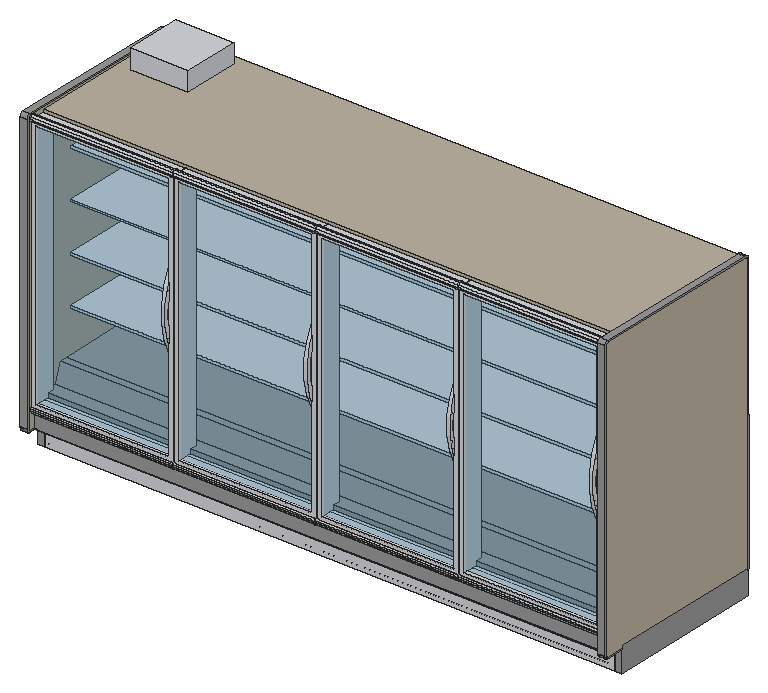
Revit family "VNRBS", category Mechanical Equipment, Revit 2017
Family settings
  Round Connector Dimension = Use Diameter
  Part Type = Normal
  OmniClass Number = 23.40.40.11.17
  OmniClass Title = Refrigerated Cases
  Work Plane-Based = Yes
  Always vertical = Yes
  Cut with Voids When Loaded = No
  Shared = Yes
  Room Calculation Point = No
Parameters (values of type "4-Door")
  vista c watts = 0 W
  pannel colour = none
  Width = 37 1/8"  # constant formula
  Vista-E Watts = 0 W
  Vista-E Amps = 0 A
  Vista-C/60 Watts = 293 W
  Vista-C/60 Amps = 2.4 A
  Vista-C Watts = 0 W
  Vista-C Amps = 0 A
  Vista Watts = 293 W
  Vista Amps = 2.4 A
  VISTA C - WATTS = 0 W
  URL = "http://www.hillphoenix.com/"
  Type of Door Swing = "A-Swing"
  Trim colour = none
  Timed-Off Defrost Termination Temp_2 = "42° F"  # constant formula
  Timed-Off Defrost Fail-Safe (Min) = "30 (Min)"  # constant formula
  TOP REFRIGERATION [instance] = yes
  TOP ELECTRICAL [instance] = yes
  TIMED-OFF DEFROST TERMINATION TEMP = 42 °F
  TIMED-OFF DEFROST FAIL SAFE (MIN) = 30
  TIMED OFF DEFROST TERMINATION TEMP = 42 °F
  TIMED OFF DEFROST FAIL-SAFE (Min) = "30"
  Supplier Model = ""
  Supplier = ""
  Superheat Set Point @ Bulb (°F) = "6-8° F"  # constant formula
  Size of Door = 30"  # constant formula
  STAINLESS STEEL = GALVANIZED STEEL
  RIGHT END [instance] = yes
  REFRIGERATION PIPING = none
  REFRIGERATION [instance] = yes
  REF PLANE LEFT RIGHT = Length / 2  # 60"
  Pro24 35K Hi Output Watts = 120 W
  Pro24 35K Hi Output Amps = 1 A
  Pnet Number = "NA"  # constant formula
  PVC PIPE = none
  PLAN VIEW DOOR SWING [instance] = yes
  PAINTED METAL UPPER SHELF = none
  PAINTED METAL EXTERIOR [instance] = Render Material 255-255-0
  Number of Fans per Case = 3
  Number of Fans = 0
  No. OF DOORS = 4
  NUMBER FOR GUIDLINES AND CONTROL ORGANIZATION = 0
  NUMBER FOR ELECTRICAL DATA = 0
  Model = "VNRB"  # constant formula
  Manufacturer Model = ""
  Manufacturer = "HILL PHOENIX"  # constant formula
  Load Mbh = 0  # constant formula
  Length of Cases = 150"
  Length = 120"
  Legend Number = Model  # "VNRB"
  LEFT END [instance] = yes
  LEDStixx Watts = 118 W
  LEDStixx Amps = 1 A
  Keynote = "VNRB"  # constant formula
  Item Description = "VNRB"  # constant formula
  Infinity 90 Watts = 236 W
  Infinity 90 Amps = 2 A
  High Efficiency Watts = 78 W
  High Efficiency Amps = 0.65 A
  Height = 67 7/8"
  HILL PHOENIX DRAWING NUMBER = "NA"  # constant formula
  GLASS CLAMP = none
  GLASS = Glass
  GE Gen6 Watts = 79 W
  GE Gen6 Amps = 0.7 A
  Evaporator (°F) = "28° F"
  EVAP TEMPERATURE = 0 °F  # constant formula
  EQUIPMENT MARK = "VNRBS"
  EQUIPMENT DESCRIPTION = Item Description  # "VNRB"
  ENGINEERING CONTACT = ""  # constant formula
  EMS PROBE J-BOX [instance] = yes
  ELECTRICAL [instance] = yes
  Discharge Air Velocity (FPM) = "360 (FPM)"  # constant formula
  Discharge Air (°F) = "33° F"
  Description = "VNRB"  # constant formula
  Defrosts Per Day_2 = 2  # constant formula
  Default Elevation = 48"
  DRAIN LINE [instance] = yes
  DISCHARGE AIR VELOCITY = ""  # constant formula
  DISCHARGE AIR TEMP = 0 °F  # constant formula
  DESIGNERS NAME = "SHIDDRAMESH"  # constant formula
  DEFROSTS PER DAY = 0  # constant formula
  DATE = "03-18-2015"  # constant formula
  CENTER LINE = Length / 2  # 60"
  BTUH Parallel = 777
  BTUH Conventional = 810
  BASE [instance] = BLACK
  Assembly Code = ""
  Application Discipline = "Meat"
  Actual Weight = 0
  24" Shelf = yes
Types (4): name | REF PLANE LEFT RIGHT | No. OF DOORS | Length | CENTER LINE
  5-Door | 75" | 5 | 150" | 75"
  4-Door | 60" | 4 | 120" | 60"
  3-Door | 45" | 3 | 90" | 45"
  2-Door | 30" | 2 | 60" | 30"
Reference planes (in)
  plane 1: z = 0.01963
  plane 2 "LEFT": x = 0
  plane 3 "CASE RIGHT": x = 120
  plane 4 "CASE BACK": y = -13.74044
  plane 5 "CENTER(LEFT/RIGHT)": x = 60
  plane 6 "FRONT": y = -50.86544
  plane 7: z = 0
  plane 8: z = 67.875
  plane 9: x = 121.5
Forms (in)
  Extrusion 1, solid, material <- "REFRIGERATION PIPING"
    sketch origin (-13.14147, -19.71261, 97.4576) x (1, 0, 0) y (0, 1, 0)
      loop
        circle (127.76253, -0.94574) r 0.375
      loop
        circle (129.53129, -0.94574) r 0.5
    from -94.24428 to -90.67077
  Extrusion 2, solid, material "Render Material 255-255-0" <- "PAINTED METAL EXTERIOR"
    sketch origin (0, 0, 0) x (0, 1, 0) y (0, 0, 1)
      loop
        line (-13.74044, 66.01319) -> (-47.10136, 66.01319) -> (-47.10136, 64.01319) -> (-15.90384, 64.01319) -> (-15.90384, 7.28805) -> (-13.74044, 7.28805) -> (-13.74044, 66.01319)
    from 0 to 120
  Extrusion 3, solid, material "GALVANIZED STEEL" <- "STAINLESS STEEL"
    sketch origin (0, 0, 0) x (0, 1, 0) y (0, 0, 1)
      loop
        line (-15.90384, 64.01319) -> (-47.10136, 64.01319) -> (-47.10136, 63.22669) -> (-45.68453, 63.22669) -> (-45.68453, 63.0429) -> (-45.26599, 63.0429)
        arc (-45.26599, 63.0429) -> (-45.2025, 63.06759) -> (-45.17236, 63.12867) r 0.094
        line (-45.17236, 63.12867) -> (-45.17236, 63.18324) -> (-42.57208, 62.63053)
        arc (-42.57208, 62.63053) -> (-42.52693, 62.6389) -> (-42.50092, 62.67675) r 0.06
        line (-42.50092, 62.67675) -> (-42.39064, 63.19556) -> (-41.57127, 63.00639) -> (-17.82566, 63.00639) -> (-17.82566, 13.27209) -> (-15.90384, 13.27209) -> (-15.90384, 64.01319)
    from 0 to 120
  Extrusion 4, solid, material "BLACK" <- "BASE"
    sketch origin (0, 0, 0) x (0, 1, 0) y (0, 0, 1)
      loop
        line (-15.90384, 13.27209) -> (-17.82566, 13.27209) -> (-17.82566, 17.00639) -> (-41.08585, 16.59082) -> (-42.69485, 16.59082) -> (-43.93723, 12.84082) -> (-47.03731, 12.84083) -> (-47.03732, 10.96636) -> (-49.52319, 10.96636) -> (-49.52319, 6.891)
        arc (-49.52319, 6.891) -> (-49.47226, 6.82754) -> (-49.39928, 6.86353) r 0.065
        line (-49.39928, 6.86353) -> (-49.26231, 7.15725) -> (-49.03397, 7.15725) -> (-48.84717, 7.28805) -> (-15.90384, 7.28805) -> (-15.90384, 13.27209)
    from 0 to 120
  Extrusion 5, solid, material "Render Material 255-255-0" <- "PAINTED METAL EXTERIOR"
    sketch origin (-1, 0, 0) x (0, 1, 0) y (0, 0, 1)
      loop
        arc (-50.35888, 66.27836) -> (-50.71243, 66.13191) -> (-50.85888, 65.77836) r 0.5
        line (-50.85888, 65.77836) -> (-50.85888, 7.28684)
        arc (-50.85888, 7.28684) -> (-50.71243, 6.93328) -> (-50.35888, 6.78684) r 0.5
        line (-50.35888, 6.78684) -> (-46.61544, 6.78684) -> (-46.61544, 7.28805) -> (-13.74044, 7.28805) -> (-13.74044, 65.77836)
        arc (-13.74044, 65.77836) -> (-13.88688, 66.13191) -> (-14.24044, 66.27836) r 0.5
        line (-14.24044, 66.27836) -> (-50.35888, 66.27836)
    from -0.5 to 1
  Extrusion 6, solid, material "BLACK" <- "BASE"
    sketch origin (0, 0, 0) x (0, 1, 0) y (0, 0, 1)
      loop
        line (-13.49044, 2.1515) -> (-13.49044, 7.28805) -> (-46.61544, 7.28805) -> (-46.61544, 2.1515) -> (-13.49044, 2.1515)
    from 0 to -1.5
  Extrusion 7, solid, material <- "PAINTED METAL UPPER SHELF", visible <- "24" Shelf"
    sketch origin (0, 0, -44.00001) x (0, 1, 0) y (0, 0, 1)
      loop
        line (-39.84405, 69.9973) -> (-39.84405, 69.4373) -> (-30.67567, 69.4373) -> (-30.61647, 69.30047) -> (-21.26806, 68.37618)
        arc (-21.26806, 68.37618) -> (-20.5648, 68.20115) -> (-19.94129, 67.83175) r 2.5
        line (-19.94129, 67.83175) -> (-19.23845, 67.26304)
        arc (-19.23845, 67.26304) -> (-18.93503, 67.09491) -> (-18.59242, 67.04056) r 1
        line (-18.59242, 67.04056) -> (-17.82422, 67.05363) -> (-17.82422, 69.9973) -> (-39.84405, 69.9973)
    from 0 to 120
  Extrusion 8, solid, material "BLACK" <- "BASE"
    sketch origin (0, 50.91376, -10.30728) x (0, 1, 0) y (0, 0, 1)
      loop
        line (-64.6542, 17.59533) -> (-91.18502, 17.59533) -> (-91.18502, 12.45878) -> (-89.5292, 12.45878) -> (-89.5292, 15.22403) -> (-66.0292, 15.22403) -> (-66.0292, 12.45878) -> (-64.6542, 12.45878) -> (-64.6542, 17.59533)
    from 0 to 120 <- "Length"
  Extrusion 9, solid, material "BLACK" <- "BASE"
    sketch origin (0, 51.47626, -10.30728) x (0, 1, 0) y (0, 0, 1)
      loop
        line (-97.34152, 12.77932) -> (-94.46533, 12.77932) -> (-93.42752, 12.84533) -> (-91.74752, 12.84533) -> (-91.74752, 17.59533) -> (-97.49752, 17.59533) -> (-97.49752, 12.93532)
        arc (-97.49752, 12.93532) -> (-97.45183, 12.82501) -> (-97.34152, 12.77932) r 0.156
    from 0 to 120 <- "Length"
  Extrusion 10, solid, material <- "PAINTED METAL UPPER SHELF", visible <- "24" Shelf"
    sketch origin (0, 0, -34.00001) x (0, 1, 0) y (0, 0, 1)
      loop
        line (-39.84405, 69.9973) -> (-39.84405, 69.4373) -> (-30.67567, 69.4373) -> (-30.61647, 69.30047) -> (-21.26806, 68.37618)
        arc (-21.26806, 68.37618) -> (-20.5648, 68.20115) -> (-19.94129, 67.83175) r 2.5
        line (-19.94129, 67.83175) -> (-19.23845, 67.26304)
        arc (-19.23845, 67.26304) -> (-18.93503, 67.09491) -> (-18.59242, 67.04056) r 1
        line (-18.59242, 67.04056) -> (-17.82422, 67.05363) -> (-17.82422, 69.9973) -> (-39.84405, 69.9973)
    from 0 to 120
  Extrusion 11, solid, material <- "PAINTED METAL UPPER SHELF", visible <- "24" Shelf"
    sketch origin (0, 0, -24.00001) x (0, 1, 0) y (0, 0, 1)
      loop
        line (-39.84405, 69.9973) -> (-39.84405, 69.4373) -> (-30.67567, 69.4373) -> (-30.61647, 69.30047) -> (-21.26806, 68.37618)
        arc (-21.26806, 68.37618) -> (-20.5648, 68.20115) -> (-19.94129, 67.83175) r 2.5
        line (-19.94129, 67.83175) -> (-19.23845, 67.26304)
        arc (-19.23845, 67.26304) -> (-18.93503, 67.09491) -> (-18.59242, 67.04056) r 1
        line (-18.59242, 67.04056) -> (-17.82422, 67.05363) -> (-17.82422, 69.9973) -> (-39.84405, 69.9973)
    from 0 to 120
  Extrusion 12, solid, material <- "PAINTED METAL UPPER SHELF", visible <- "24" Shelf"
    sketch origin (0, 0, -14.00001) x (0, 1, 0) y (0, 0, 1)
      loop
        line (-39.84405, 69.9973) -> (-39.84405, 69.4373) -> (-30.67567, 69.4373) -> (-30.61647, 69.30047) -> (-21.26806, 68.37618)
        arc (-21.26806, 68.37618) -> (-20.5648, 68.20115) -> (-19.94129, 67.83175) r 2.5
        line (-19.94129, 67.83175) -> (-19.23845, 67.26304)
        arc (-19.23845, 67.26304) -> (-18.93503, 67.09491) -> (-18.59242, 67.04056) r 1
        line (-18.59242, 67.04056) -> (-17.82422, 67.05363) -> (-17.82422, 69.9973) -> (-39.84405, 69.9973)
    from 0 to 120
  Extrusion 13, solid, material <- "REFRIGERATION PIPING"
    sketch origin (0, -0.08348, 1.78684) x (1, 0, 0) y (0, 1, 0)
      loop
        circle (60, -37.24044) r 1.5
    from 1.42649 to 5
  Extrusion 14, solid, material "BLACK" <- "BASE"
    sketch origin (0, 0, -34.00001) x (0, -1, 0) y (0, 0, 1)
      loop
        arc (50.35888, 100.27836) -> (50.71243, 100.13192) -> (50.85888, 99.77836) r 0.5
        line (50.85888, 99.77836) -> (50.85888, 41.28684)
        arc (50.85888, 41.28684) -> (50.71243, 40.93329) -> (50.35888, 40.78684) r 0.5
        line (50.35888, 40.78684) -> (46.61544, 40.78684) -> (46.61544, 40.53684) -> (50.35888, 40.53684)
        arc (50.35888, 40.53684) -> (50.88921, 40.75651) -> (51.10888, 41.28684) r 0.75
        line (51.10888, 41.28684) -> (51.10888, 99.77836)
        arc (51.10888, 99.77836) -> (50.88921, 100.30869) -> (50.35888, 100.52836) r 0.75
        line (50.35888, 100.52836) -> (14.24044, 100.52836)
        arc (14.24044, 100.52836) -> (13.71011, 100.30869) -> (13.49044, 99.77836) r 0.75
        line (13.49044, 99.77836) -> (13.49044, 41.28806) -> (13.74044, 41.28806) -> (13.74044, 99.77836)
        arc (13.74044, 99.77836) -> (13.88688, 100.13192) -> (14.24044, 100.27836) r 0.5
        line (14.24044, 100.27836) -> (50.35888, 100.27836)
    from 0 to 1.5
  Extrusion 15, solid, material "Render Material 255-255-0" <- "PAINTED METAL EXTERIOR"
    sketch origin (174, 0, 0) x (0, 1, 0) y (0, 0, 1)
      loop
        arc (-50.35888, 66.27836) -> (-50.71243, 66.13191) -> (-50.85888, 65.77836) r 0.5
        line (-50.85888, 65.77836) -> (-50.85888, 7.28684)
        arc (-50.85888, 7.28684) -> (-50.71243, 6.93328) -> (-50.35888, 6.78684) r 0.5
        line (-50.35888, 6.78684) -> (-46.61544, 6.78684) -> (-46.61544, 7.28805) -> (-13.74044, 7.28805) -> (-13.74044, 65.77836)
        arc (-13.74044, 65.77836) -> (-13.88688, 66.13191) -> (-14.24044, 66.27836) r 0.5
        line (-14.24044, 66.27836) -> (-50.35888, 66.27836)
    from -54 to -52.5
  Extrusion 16, solid, material "BLACK" <- "BASE"
    sketch origin (175, 0, 0) x (0, 1, 0) y (0, 0, 1)
      loop
        line (-13.49044, 2.1515) -> (-13.49044, 7.28805) -> (-46.61544, 7.28805) -> (-46.61544, 2.1515) -> (-13.49044, 2.1515)
    from -53.5 to -55
  Extrusion 17, solid, material "BLACK" <- "BASE"
    sketch origin (175, 0, -34.00001) x (0, -1, 0) y (0, 0, 1)
      loop
        arc (50.35888, 100.27836) -> (50.71243, 100.13192) -> (50.85888, 99.77836) r 0.5
        line (50.85888, 99.77836) -> (50.85888, 41.28684)
        arc (50.85888, 41.28684) -> (50.71243, 40.93329) -> (50.35888, 40.78684) r 0.5
        line (50.35888, 40.78684) -> (46.61544, 40.78684) -> (46.61544, 40.53684) -> (50.35888, 40.53684)
        arc (50.35888, 40.53684) -> (50.88921, 40.75651) -> (51.10888, 41.28684) r 0.75
        line (51.10888, 41.28684) -> (51.10888, 99.77836)
        arc (51.10888, 99.77836) -> (50.88921, 100.30869) -> (50.35888, 100.52836) r 0.75
        line (50.35888, 100.52836) -> (14.24044, 100.52836)
        arc (14.24044, 100.52836) -> (13.71011, 100.30869) -> (13.49044, 99.77836) r 0.75
        line (13.49044, 99.77836) -> (13.49044, 41.28806) -> (13.74044, 41.28806) -> (13.74044, 99.77836)
        arc (13.74044, 99.77836) -> (13.88688, 100.13192) -> (14.24044, 100.27836) r 0.5
        line (14.24044, 100.27836) -> (50.35888, 100.27836)
    from 53.5 to 55
  Extrusion 18, solid
    sketch origin (0, 0, 0) x (0, 1, 0) y (0, 0, 1)
      loop
        line (-46.61544, 7.28805) -> (-46.61544, 2.1515) -> (-46.02126, 2.1515) -> (-46.02126, 7.28805) -> (-46.61544, 7.28805)
    from 0 to 120 <- "Length"
  Extrusion 19, solid
    sketch origin (0, 0, 0) x (0, 1, 0) y (0, 0, 1)
      loop
        line (-15.74044, 66.01319) -> (-15.74044, 70.01319) -> (-27.74044, 70.01319) -> (-27.74044, 66.01319) -> (-15.74044, 66.01319)
    from 3 to 15
Lines and regions (in)
  model lines
    curve 1: line (160.51265, -20.82355, 0) -> (160.48065, -20.82355, 0)
Dimensions and locks (in)
  "Length": plane 2 "LEFT" to plane 3 "CASE RIGHT"
  "Width": plane 6 "FRONT" to plane 4 "CASE BACK"
  plane 6 "FRONT" to plane 4 "CASE BACK" = 37 1/8"
  "CENTER LINE": plane 5 "CENTER(LEFT/RIGHT)" to plane 3 "CASE RIGHT"
  level to Extrusion 1 = 6.78684"
  level to plane 1 = 0.01963"
  equal spacing: group 1, group 2, group 3, group 4  (x3)
  locked: plane 3 "CASE RIGHT" to plane 9 at 1.5
  Extrusion 6 to Extrusion 8 = 5.13656"
  Extrusion 3 to Extrusion 3 = 1.00679"
  Extrusion 6 to Extrusion 2 = 63.86169"
  plane 4 "CASE BACK" to Extrusion 2 = 33.36092"
  Extrusion 4 to Extrusion 3 = 46"
  Extrusion 8 to Extrusion 9 = 26.53082"
  Extrusion 8 sketch curve to Extrusion 8 sketch curve = 26.53082"
  nested 1 to Extrusion 4 = 54.52081"
  nested 1 to nested 1 = 52.47698"
  aligned and locked: plane 3 "CASE RIGHT" to Extrusion 2
  aligned and locked: plane 3 "CASE RIGHT" to Extrusion 4
  aligned and locked: plane 3 "CASE RIGHT" to Extrusion 3
  aligned and locked: Extrusion 6 to Extrusion 5
  aligned and locked: plane 3 "CASE RIGHT" to Extrusion 7
  aligned and locked: plane 3 "CASE RIGHT" to Extrusion 12
  aligned and locked: plane 3 "CASE RIGHT" to Extrusion 11
  aligned and locked: plane 3 "CASE RIGHT" to Extrusion 10
  aligned and locked: Extrusion 16 to Extrusion 15
  aligned and locked: Extrusion 17 to plane 3 "CASE RIGHT"
  aligned and locked: plane 9 to Extrusion 17
  aligned and locked: Extrusion 15 to plane 3 "CASE RIGHT"
  aligned and locked: Extrusion 17 to Extrusion 15
  aligned and locked: Extrusion 15 to Extrusion 16
Automatic sketch dimensions
  plane 4 "CASE BACK" to curve 1 = 7.08311"
  plane 3 "CASE RIGHT" to curve 1 = 40.48065"
  curve 1 to curve 1 = 0.032"
  Extrusion 1 sketch curve to plane 3 "CASE RIGHT" = 5.37894"
  Extrusion 1 sketch curve to Extrusion 1 sketch curve = 1.76876"
  plane 4 "CASE BACK" to Extrusion 1 sketch curve = 6.91792"
  Extrusion 1 sketch curve to Extrusion 1 sketch curve = 0"
  level to Extrusion 6 sketch curve = 2.1515"
  Extrusion 6 sketch curve to plane 6 "FRONT" = 4 1/4"
  Extrusion 6 sketch curve to plane 4 "CASE BACK" = 1/4"
  Extrusion 6 sketch curve to plane 1 = 7.26842"
  Extrusion 7 sketch curve to plane 6 "FRONT" = 11.02138"
  Extrusion 7 sketch curve to Extrusion 7 sketch curve = 9.16838"
  Extrusion 7 sketch curve to Extrusion 7 sketch curve = 0.05921"
  plane 4 "CASE BACK" to Extrusion 7 sketch curve = 7 99/128"
  Extrusion 7 sketch curve to Extrusion 7 sketch curve = 1.57257"
  Extrusion 7 sketch curve to Extrusion 7 sketch curve = 0.70284"
  Extrusion 7 sketch curve to Extrusion 7 sketch curve = 0.62903"
  Extrusion 7 sketch curve to Extrusion 7 sketch curve = 0.64603"
  Extrusion 7 sketch curve to Extrusion 7 sketch curve = 0.7682"
  Extrusion 7 sketch curve to plane 1 = 21.86866"
  Extrusion 7 sketch curve to Extrusion 7 sketch curve = 1.15227"
  Extrusion 7 sketch curve to Extrusion 7 sketch curve = 0.01306"
  Extrusion 7 sketch curve to Extrusion 7 sketch curve = 0.22247"
  Extrusion 7 sketch curve to Extrusion 7 sketch curve = 0.56871"
  Extrusion 7 sketch curve to Extrusion 7 sketch curve = 3.41218"
  Extrusion 7 sketch curve to Extrusion 7 sketch curve = 0.13683"
  Extrusion 7 sketch curve to Extrusion 7 sketch curve = 0.56"
  Extrusion 7 sketch curve to Extrusion 7 sketch curve = 1.32677"
  Extrusion 7 sketch curve to Extrusion 7 sketch curve = 0.00006"
  Extrusion 7 sketch curve to Extrusion 7 sketch curve = 0.00066"
  level to Extrusion 8 sketch curve = 2.1515"  (x2)
  Extrusion 8 sketch curve to plane 4 "CASE BACK" = 0"
  plane 4 "CASE BACK" to Extrusion 8 sketch curve = 1 3/8"
  Extrusion 8 sketch curve to Extrusion 8 sketch curve = 1.65582"
  Extrusion 8 sketch curve to plane 1 = 4.89712"
  Extrusion 8 sketch curve to Extrusion 8 sketch curve = 2.37131"
  Extrusion 10 sketch curve to plane 6 "FRONT" = 11.02138"
  Extrusion 10 sketch curve to Extrusion 10 sketch curve = 9.16838"
  Extrusion 10 sketch curve to Extrusion 10 sketch curve = 0.05921"
  plane 4 "CASE BACK" to Extrusion 10 sketch curve = 7 99/128"
  Extrusion 10 sketch curve to Extrusion 10 sketch curve = 1.57257"
  Extrusion 10 sketch curve to Extrusion 10 sketch curve = 0.70284"
  Extrusion 10 sketch curve to Extrusion 10 sketch curve = 0.62903"
  Extrusion 10 sketch curve to Extrusion 10 sketch curve = 0.64603"
  Extrusion 10 sketch curve to Extrusion 10 sketch curve = 0.7682"
  Extrusion 10 sketch curve to plane 1 = 31.86866"
  Extrusion 10 sketch curve to Extrusion 10 sketch curve = 1.15227"
  Extrusion 10 sketch curve to Extrusion 10 sketch curve = 0.01306"
  Extrusion 10 sketch curve to Extrusion 10 sketch curve = 0.22247"
  Extrusion 10 sketch curve to Extrusion 10 sketch curve = 0.56871"
  Extrusion 10 sketch curve to Extrusion 10 sketch curve = 3.41218"
  Extrusion 10 sketch curve to Extrusion 10 sketch curve = 0.13683"
  Extrusion 10 sketch curve to Extrusion 10 sketch curve = 0.56"
  Extrusion 10 sketch curve to Extrusion 10 sketch curve = 1.32677"
  Extrusion 10 sketch curve to Extrusion 10 sketch curve = 0.00006"
  Extrusion 10 sketch curve to Extrusion 10 sketch curve = 0.00066"
  Extrusion 11 sketch curve to plane 6 "FRONT" = 11.02138"
  Extrusion 11 sketch curve to Extrusion 11 sketch curve = 9.16838"
  Extrusion 11 sketch curve to Extrusion 11 sketch curve = 0.05921"
  plane 4 "CASE BACK" to Extrusion 11 sketch curve = 7 99/128"
  Extrusion 11 sketch curve to Extrusion 11 sketch curve = 1.57257"
  Extrusion 11 sketch curve to Extrusion 11 sketch curve = 0.70284"
  Extrusion 11 sketch curve to Extrusion 11 sketch curve = 0.62903"
  Extrusion 11 sketch curve to Extrusion 11 sketch curve = 0.64603"
  Extrusion 11 sketch curve to Extrusion 11 sketch curve = 0.7682"
  Extrusion 11 sketch curve to plane 8 = 25.98671"
  Extrusion 11 sketch curve to Extrusion 11 sketch curve = 1.15227"
  Extrusion 11 sketch curve to Extrusion 11 sketch curve = 0.01306"
  Extrusion 11 sketch curve to Extrusion 11 sketch curve = 0.22247"
  Extrusion 11 sketch curve to Extrusion 11 sketch curve = 0.56871"
  Extrusion 11 sketch curve to Extrusion 11 sketch curve = 3.41218"
  Extrusion 11 sketch curve to Extrusion 11 sketch curve = 0.13683"
  Extrusion 11 sketch curve to Extrusion 11 sketch curve = 0.56"
  Extrusion 11 sketch curve to Extrusion 11 sketch curve = 1.32677"
  Extrusion 11 sketch curve to Extrusion 11 sketch curve = 0.00006"
  Extrusion 11 sketch curve to Extrusion 11 sketch curve = 0.00066"
  Extrusion 12 sketch curve to plane 6 "FRONT" = 11.02138"
  Extrusion 12 sketch curve to Extrusion 12 sketch curve = 9.16838"
  Extrusion 12 sketch curve to Extrusion 12 sketch curve = 0.05921"
  plane 4 "CASE BACK" to Extrusion 12 sketch curve = 7 99/128"
  Extrusion 12 sketch curve to Extrusion 12 sketch curve = 1.57257"
  Extrusion 12 sketch curve to Extrusion 12 sketch curve = 0.70284"
  Extrusion 12 sketch curve to Extrusion 12 sketch curve = 0.62903"
  Extrusion 12 sketch curve to Extrusion 12 sketch curve = 0.64603"
  Extrusion 12 sketch curve to Extrusion 12 sketch curve = 0.7682"
  Extrusion 12 sketch curve to plane 8 = 15.98671"
  Extrusion 12 sketch curve to Extrusion 12 sketch curve = 1.15227"
  Extrusion 12 sketch curve to Extrusion 12 sketch curve = 0.01306"
  Extrusion 12 sketch curve to Extrusion 12 sketch curve = 0.22247"
  Extrusion 12 sketch curve to Extrusion 12 sketch curve = 0.56871"
  Extrusion 12 sketch curve to Extrusion 12 sketch curve = 3.41218"
  Extrusion 12 sketch curve to Extrusion 12 sketch curve = 0.13683"
  Extrusion 12 sketch curve to Extrusion 12 sketch curve = 0.56"
  Extrusion 12 sketch curve to Extrusion 12 sketch curve = 1.32677"
  Extrusion 12 sketch curve to Extrusion 12 sketch curve = 0.00006"
  Extrusion 12 sketch curve to Extrusion 12 sketch curve = 0.00066"
  Extrusion 13 sketch curve to plane 5 "CENTER(LEFT/RIGHT)" = 0"
  Extrusion 13 sketch curve to plane 6 "FRONT" = 13.54152"
  level to Extrusion 16 sketch curve = 2.1515"
  Extrusion 16 sketch curve to plane 6 "FRONT" = 4 1/4"
  Extrusion 16 sketch curve to plane 4 "CASE BACK" = 1/4"
  Extrusion 16 sketch curve to plane 1 = 7.26842"
  Extrusion 9 sketch curve to plane 6 "FRONT" = 4.84418"
  Extrusion 9 sketch curve to Extrusion 9 sketch curve = 0.156"
  Extrusion 9 sketch curve to plane 1 = 2.45242"
  Extrusion 9 sketch curve to Extrusion 9 sketch curve = 2.87619"
  Extrusion 9 sketch curve to plane 1 = 2.51842"
  Extrusion 9 sketch curve to Extrusion 9 sketch curve = 1.03781"
  Extrusion 9 sketch curve to Extrusion 9 sketch curve = 5 3/4"
  Extrusion 9 sketch curve to Extrusion 9 sketch curve = 4 3/4"
  Extrusion 2 sketch curve to plane 4 "CASE BACK" = 0"
  plane 4 "CASE BACK" to Extrusion 2 sketch curve = 2.16341"
  Extrusion 2 sketch curve to plane 8 = 1.86181"
  Extrusion 2 sketch curve to plane 6 "FRONT" = 3.76408"
  Extrusion 2 sketch curve to plane 8 = 3.86181"
  Extrusion 2 sketch curve to plane 1 = 7.26842"
  Extrusion 3 sketch curve to plane 6 "FRONT" = 3.76408"
  Extrusion 3 sketch curve to Extrusion 3 sketch curve = 1.41683"
  Extrusion 3 sketch curve to Extrusion 3 sketch curve = 0.41853"
  Extrusion 3 sketch curve to Extrusion 3 sketch curve = 0"  (x2)
  Extrusion 3 sketch curve to Extrusion 3 sketch curve = 0.09364"
  Extrusion 3 sketch curve to Extrusion 3 sketch curve = 2.60028"
  Extrusion 3 sketch curve to Extrusion 3 sketch curve = 0.01247"
  Extrusion 3 sketch curve to plane 8 = 5.19825"
  Extrusion 3 sketch curve to Extrusion 3 sketch curve = 0.05869"
  Extrusion 3 sketch curve to Extrusion 3 sketch curve = 0.11028"
  plane 4 "CASE BACK" to Extrusion 3 sketch curve = 4.08523"
  Extrusion 3 sketch curve to Extrusion 3 sketch curve = 1.92182"
  Extrusion 3 sketch curve to Extrusion 3 sketch curve = 0.04621"
  Extrusion 3 sketch curve to plane 1 = 13.25246"
  Extrusion 3 sketch curve to plane 8 = 4.86861"
  Extrusion 3 sketch curve to Extrusion 3 sketch curve = 0.41236"
  Extrusion 3 sketch curve to Extrusion 3 sketch curve = 0.08577"
  Extrusion 3 sketch curve to Extrusion 3 sketch curve = 0.05456"
  Extrusion 3 sketch curve to Extrusion 3 sketch curve = 0.51881"
  Extrusion 3 sketch curve to Extrusion 3 sketch curve = 0.1838"
  Extrusion 3 sketch curve to Extrusion 3 sketch curve = 1.00679"
  Extrusion 3 sketch curve to Extrusion 3 sketch curve = 0.81937"
  Extrusion 18 sketch curve to plane 6 "FRONT" = 4 1/4"
  Extrusion 18 sketch curve to Extrusion 18 sketch curve = 0.59418"
  Extrusion 18 sketch curve to plane 1 = 2.13187"
  Extrusion 18 sketch curve to Extrusion 18 sketch curve = 5.13656"
  Extrusion 5 sketch curve to plane 4 "CASE BACK" = 0"
  Extrusion 5 sketch curve to Extrusion 5 sketch curve = 1/2"  (x2)
  Extrusion 5 sketch curve to plane 6 "FRONT" = 4 1/4"
  Extrusion 5 sketch curve to plane 6 "FRONT" = 0.50656"
  Extrusion 5 sketch curve to plane 6 "FRONT" = 0.00656"
  Extrusion 5 sketch curve to plane 1 = 6.7672"
  Extrusion 5 sketch curve to plane 1 = 7.26842"
  Extrusion 5 sketch curve to plane 8 = 2.09664"
  Extrusion 15 sketch curve to plane 4 "CASE BACK" = 0"
  Extrusion 15 sketch curve to Extrusion 15 sketch curve = 1/2"
  Extrusion 15 sketch curve to plane 6 "FRONT" = 4 1/4"
  Extrusion 15 sketch curve to plane 6 "FRONT" = 0.50656"  (x2)
  Extrusion 15 sketch curve to plane 6 "FRONT" = 0.00656"
  Extrusion 15 sketch curve to plane 1 = 6.7672"
  Extrusion 15 sketch curve to plane 1 = 7.26842"
  Extrusion 15 sketch curve to plane 8 = 2.09664"
  Extrusion 14 sketch curve to Extrusion 14 sketch curve = 0"  (x6)
  Extrusion 10 to Extrusion 14 sketch curve = 4.33379"
  Extrusion 14 sketch curve to Extrusion 14 sketch curve = 1/4"
  Extrusion 14 sketch curve to Extrusion 14 sketch curve = 1/2"  (x2)
  Extrusion 10 to Extrusion 14 sketch curve = 6.77138"
  Extrusion 10 to Extrusion 14 sketch curve = 10.51483"
  Extrusion 14 sketch curve to Extrusion 14 sketch curve = 3.74344"
  Extrusion 10 to Extrusion 14 sketch curve = 28.90046"
  Extrusion 10 to Extrusion 14 sketch curve = 28.14924"
  Extrusion 10 to Extrusion 14 sketch curve = 29.78106"
  Extrusion 17 sketch curve to Extrusion 17 sketch curve = 0"  (x6)
  Extrusion 17 sketch curve to plane 4 "CASE BACK" = 0"
  Extrusion 17 sketch curve to plane 4 "CASE BACK" = 1/4"
  Extrusion 17 sketch curve to Extrusion 17 sketch curve = 1/2"
  Extrusion 17 sketch curve to plane 6 "FRONT" = 4 1/4"
  Extrusion 17 sketch curve to plane 6 "FRONT" = 0.50656"  (x2)
  Extrusion 17 sketch curve to plane 6 "FRONT" = 0.00656"
  Extrusion 17 sketch curve to plane 1 = 6.5172"
  Extrusion 17 sketch curve to plane 1 = 7.26842"
  Extrusion 17 sketch curve to plane 8 = 2.09664"
  Extrusion 4 sketch curve to plane 6 "FRONT" = 1.34225"
  Extrusion 4 sketch curve to Extrusion 4 sketch curve = 0.065"
  Extrusion 4 sketch curve to Extrusion 4 sketch curve = 0.05891"
  Extrusion 4 sketch curve to Extrusion 4 sketch curve = 0.13696"
  Extrusion 4 sketch curve to Extrusion 4 sketch curve = 0.22834"
  Extrusion 4 sketch curve to Extrusion 4 sketch curve = 0.18681"
  Extrusion 4 sketch curve to Extrusion 4 sketch curve = 2.48587"
  Extrusion 4 sketch curve to Extrusion 4 sketch curve = 0"  (x2)
  Extrusion 4 sketch curve to Extrusion 4 sketch curve = 3.10008"
  Extrusion 4 sketch curve to Extrusion 4 sketch curve = 1.24238"
  Extrusion 4 sketch curve to Extrusion 4 sketch curve = 1.609"
  plane 4 "CASE BACK" to Extrusion 4 sketch curve = 4.08523"
  Extrusion 4 sketch curve to Extrusion 4 sketch curve = 1.92182"
  Extrusion 4 sketch curve to plane 1 = 6.8439"
  Extrusion 4 sketch curve to Extrusion 4 sketch curve = 0.29372"
  Extrusion 4 sketch curve to plane 1 = 7.26842"
  Extrusion 4 sketch curve to Extrusion 4 sketch curve = 3.6783"
  Extrusion 4 sketch curve to Extrusion 4 sketch curve = 1.87446"
  Extrusion 4 sketch curve to Extrusion 4 sketch curve = 5.98404"
  Extrusion 4 sketch curve to Extrusion 4 sketch curve = 3 3/4"
  Extrusion 4 sketch curve to Extrusion 4 sketch curve = 3.7343"
  plane 8 to Extrusion 19 sketch curve = 2.13819"
  plane 4 "CASE BACK" to Extrusion 19 sketch curve = 14"
  plane 4 "CASE BACK" to Extrusion 19 sketch curve = 2"
  Extrusion 19 sketch curve to plane 8 = 1.86181"
  radius of Extrusion 1 sketch curve = 3/8"
  radius of Extrusion 1 sketch curve = 1/2"
  radius of Extrusion 13 sketch curve = 1 1/2"
Nested families (in)
  nested 1: "ORB-DOOR-30" at (0, -1.99377, -3.82512), type "ORB_DOOR-30""
    with DOORS Glass, DOOR SILL AND HEADER none, DOOR HANDLES none, DOOR HANDLE RIGHT yes, DOOR HANDLE LEFT yes
  nested 2: "ORB-DOOR-30" at (30, -1.99377, -3.82512), type "ORB_DOOR-30""
    with DOORS Glass, DOOR SILL AND HEADER none, DOOR HANDLES none, DOOR HANDLE RIGHT yes, DOOR HANDLE LEFT yes
  nested 3: "ORB-DOOR-30" at (60, -1.99377, -3.82512), type "ORB_DOOR-30""
    with DOORS Glass, DOOR SILL AND HEADER none, DOOR HANDLES none, DOOR HANDLE RIGHT yes, DOOR HANDLE LEFT yes
  nested 4: "ORB-DOOR-30" at (90, -1.99377, -3.82512), type "ORB_DOOR-30""
    with DOORS Glass, DOOR SILL AND HEADER none, DOOR HANDLES none, DOOR HANDLE RIGHT yes, DOOR HANDLE LEFT yes
Connectors (in)
  piping at (114.62106, -20.65836, 3.21332), diameter 0.375
    settings: on Extrusion 1, index 10, connector inside diameter 3/8", connector length 0", flow factor 0, pipe flow 0 GPM, pressure drop 0.00 psi, fitting loss kfactor 0, connector angle 0.000°, fixture units 0, engagement length 0", angle of deflection 0.000°, flow configuration 0, flow direction 1, fitting loss method 0, system type 8, joint type 0, gender type 0, connector reference index -1, connector utility 0, adjustable connector no, is connector primary yes, connector description "LIQUID LINE CONNECTION"
  piping at (116.38982, -20.65836, 3.21332), diameter 0.5
    settings: on Extrusion 1, index 11, connector inside diameter 1/2", connector length 0", flow factor 0, pipe flow 0 GPM, pressure drop 0.00 psi, fitting loss kfactor 0, connector angle 0.000°, fixture units 0, engagement length 0", angle of deflection 0.000°, flow configuration 0, flow direction 2, fitting loss method 0, system type 7, joint type 0, gender type 0, connector reference index -1, connector utility 0, adjustable connector no, is connector primary no, connector description "SUCTION LINE CONNECTION"
  piping at (60, -37.32391, 3.21332), diameter 1.5
    settings: on Extrusion 13, index 12, connector inside diameter 24", connector length 0", flow factor 0, pipe flow 0 GPM, pressure drop 0.00 psi, fitting loss kfactor 0, connector angle 0.000°, fixture units 0, engagement length 0", angle of deflection 0.000°, flow configuration 0, flow direction 0, fitting loss method 0, system type 7, joint type 0, gender type 0, connector reference index -1, connector utility 0, adjustable connector no, is connector primary no, connector description "DRAIN LINE CONNECTION"
Definition of nested family "ORB-DOOR-30"
  Parameters (values of type "ORB_DOOR-30"")
    URL = ""
    PNET NUMBER = "NA"  # constant formula
    Model = "ORB-Door 24\""
    Manufacturer = "HILL PHOENIX"  # constant formula
    LEGEND NUMBER = Model  # "ORB-Door 24\""
    Keynote = "Beverage-Dairy/Deli-Meat"  # constant formula
    HILL PHOENIX DRAWING NUMBER = "NA"  # constant formula
    ENGINEERING CONTACT = ""  # constant formula
    Description = "Reach-In Glass Door Merchandiser"  # constant formula
    DOORS [instance] = none
    DOOR SILL AND HEADER [instance] = none
    DOOR LENGTH = 30"
    DOOR HANDLES [instance] = none
    DOOR HANDLE RIGHT [instance] = yes
    DOOR HANDLE LEFT [instance] = yes
    DESIGNERS NAME = "SHIDDRAMESH"  # constant formula
    DATE = "10/31/2014"  # constant formula
    Case total Width = 42.06241"
    Case Total Height = 81"
    Assembly Code = ""
  Reference planes (in)
    plane 1: z = 0.01963
    plane 2 "LEFT": x = 0
    plane 3: z = 81
    plane 4: x = 30
    plane 5: y = -6.4785
    plane 6: y = -48.10878
    plane 7: y = -43.69076
    plane 8: z = 77.40752
    plane 9: z = 16.67848
    plane 10: z = 15.82484
    plane 11: z = 78.19984
    plane 12: z = 15.0705
    plane 13: y = -48.54091
    plane 14: y = -47.89336
  Forms (in)
    Extrusion 1, solid
      sketch origin (22.08523, -42.38639, 81) x (0, 1, 0) y (0, 0, -1)
        loop
          arc (-5.54638, 10.73995) -> (-5.50699, 10.77754) -> (-5.54458, 10.81693) r 0.0385
          line (-5.54458, 10.81693) -> (-5.61239, 10.81881) -> (-5.65038, 10.84585) -> (-5.90453, 11.26599) -> (-6.05438, 11.6877) -> (-2.7212, 11.6877) -> (-2.7212, 13.94818) -> (-1.30438, 13.94818) -> (-1.30438, 64.32152) -> (-2.7212, 64.32152) -> (-2.7212, 66.207) -> (-6.05438, 66.207) -> (-5.90453, 66.62871) -> (-5.65038, 67.04885) -> (-5.6118, 67.07609) -> (-5.56518, 67.077)
          arc (-5.56518, 67.077) -> (-5.52744, 67.11625) -> (-5.56668, 67.15399) r 0.0385
          line (-5.56668, 67.15399) -> (-5.63915, 67.15127) -> (-5.71315, 67.09846) -> (-5.97902, 66.65826) -> (-6.14458, 66.1735)
          arc (-6.14458, 66.1735) -> (-6.11396, 65.99798) -> (-5.94948, 65.9295) r 0.18521
          line (-5.94948, 65.9295) -> (-5.72239, 65.9295) -> (-5.72239, 11.9652) -> (-5.94948, 11.9652)
          arc (-5.94948, 11.9652) -> (-6.10568, 11.8901) -> (-6.14458, 11.7212) r 0.2
          line (-6.14458, 11.7212) -> (-5.97902, 11.23644) -> (-5.71438, 10.79785) -> (-5.63915, 10.74343) -> (-5.54638, 10.73995)
      from -7.91477 to 22.08523
    Extrusion 2, void
      sketch origin (22.08523, -48.10878, 15.0705) x (0, 0, -1) y (-1, 0, 0)
        loop
          line (-53.23132, 21.04241) -> (-53.23132, -6.87195) -> (-0.75434, -6.87195) -> (-0.75434, 21.04241) -> (-53.23132, 21.04241)
      from 0 to 4.41802
    Extrusion 3, solid
      sketch origin (22.094, -42.85492, 81.16448) x (0, 1, 0) y (0, 0, -1)
        loop
          line (-3.25386, 12.86266) -> (-3.25386, 65.33963) -> (-4.75386, 65.33963) -> (-4.75386, 12.86266) -> (-3.25386, 12.86266)
      from -7.406 to 21.594
    Extrusion 4, solid
      sketch origin (6.47161, -25.74403, 49.19042) x (0, 1, 0) y (0, 0, -1)
        loop
          line (-21.39622, -1.71821) -> (-21.39622, 1.2011)
          arc (-21.39622, 1.2011) -> (-22.95317, 6.27646) -> (-21.39622, 11.35181) r 9.05084
          line (-21.39622, 11.35181) -> (-21.39622, 14.39423)
          arc (-21.39622, 14.39423) -> (-23.49062, 6.33801) -> (-21.39622, -1.71821) r 16.54155
      from -22.48557 to -21.74766
  Cuts and joins
    Extrusion 2 cuts Extrusion 1
  Dimensions and locks (in)
    "DOOR LENGTH": plane 2 "LEFT" to plane 4
    locked: plane 2 "LEFT" to Extrusion 3 at 0.5
    locked: Extrusion 3 to plane 4 at 0.5
    Extrusion 3 to Extrusion 3 = 52.47698"
    "Case total Width": plane 5 to plane 13
    locked: plane 5 to plane 14 at 41.41486
    "Case Total Height": plane 3 to level
    cut or joined group of Extrusion 1, Extrusion 2 to cut or joined group of Extrusion 1, Extrusion 2 = 54.5193"
    aligned and locked: plane 4 to Extrusion 1
    aligned and locked: Extrusion 1 to plane 2 "LEFT"
    aligned: plane 4 to Extrusion 3
    aligned and locked: plane 10 to Extrusion 3
    aligned and locked: plane 12 to cut or joined group of Extrusion 1, Extrusion 2
  Automatic sketch dimensions
    Extrusion 2 sketch curve to Extrusion 1 = 1.04282"  (x2)
    Extrusion 2 sketch curve to Extrusion 1 = 0.75434"
    plane 10 to Extrusion 3 sketch curve = 0"
    plane 14 to Extrusion 3 sketch curve = 0.28458"
    Extrusion 3 sketch curve to Extrusion 3 sketch curve = 1 1/2"
    plane 14 to Extrusion 4 sketch curve = 0.75311"  (x2)
    Extrusion 4 sketch curve to plane 7 = 4.0444"
    Extrusion 4 sketch curve to Extrusion 4 sketch curve = 6.95326"
    Extrusion 4 sketch curve to Extrusion 4 sketch curve = 2.91931"
    Extrusion 4 sketch curve to Extrusion 4 sketch curve = 5.07535"
    Extrusion 4 sketch curve to Extrusion 4 sketch curve = 0.06155"
    Extrusion 1 to Extrusion 2 sketch curve = 0.73298"
    plane 8 to Extrusion 3 sketch curve = 9.1057"
    plane 8 to Extrusion 4 sketch curve = 26.49889"
    plane 12 to Extrusion 1 sketch curve = 0"
    Extrusion 1 sketch curve to plane 6 = 0"
    Extrusion 1 sketch curve to plane 9 = 0"
    Extrusion 1 sketch curve to plane 7 = 0"
    Extrusion 1 sketch curve to plane 6 = 0.18213"  (x2)
    Extrusion 1 sketch curve to plane 13 = 0.20504"  (x2)
    Extrusion 1 sketch curve to Extrusion 1 sketch curve = 0.01983"
    Extrusion 1 sketch curve to Extrusion 1 sketch curve = 0.0745"  (x2)
    Extrusion 1 sketch curve to plane 13 = 0.10014"  (x2)
    Extrusion 1 sketch curve to plane 13 = 0.00994"  (x2)
    plane 6 to Extrusion 1 sketch curve = 0.00802"
    plane 6 to Extrusion 1 sketch curve = 0.00924"
    plane 6 to Extrusion 1 sketch curve = 0.07202"  (x2)
    plane 6 to Extrusion 1 sketch curve = 0.08324"  (x2)
    Extrusion 1 sketch curve to Extrusion 1 sketch curve = 0.03798"
    Extrusion 1 sketch curve to Extrusion 1 sketch curve = 0.03858"
    Extrusion 1 sketch curve to plane 14 = 0.05971"
    Extrusion 1 sketch curve to Extrusion 1 sketch curve = 0.00075"  (x2)
    Extrusion 1 sketch curve to plane 14 = 0.0394"
    Extrusion 1 sketch curve to Extrusion 1 sketch curve = 0.0009"
    Extrusion 1 sketch curve to plane 14 = 0.0376"
    Extrusion 1 sketch curve to Extrusion 1 sketch curve = 1.41683"  (x2)
    plane 8 to Extrusion 1 sketch curve = 10.3557"
    Extrusion 1 sketch curve to Extrusion 1 sketch curve = 1.98298"
    Extrusion 1 sketch curve to Extrusion 1 sketch curve = 0.2"
    Extrusion 1 sketch curve to Extrusion 1 sketch curve = 0.0335"
    Extrusion 1 sketch curve to Extrusion 1 sketch curve = 0.42171"  (x2)
    Extrusion 1 sketch curve to Extrusion 1 sketch curve = 0.02955"  (x2)
    Extrusion 1 sketch curve to Extrusion 1 sketch curve = 0.42014"  (x2)
    Extrusion 1 sketch curve to Extrusion 1 sketch curve = 0.02704"
    Extrusion 1 sketch curve to Extrusion 1 sketch curve = 0.00188"
    Extrusion 1 sketch curve to Extrusion 1 sketch curve = 0.048"
    Extrusion 1 sketch curve to Extrusion 1 sketch curve = 0.03849"  (x2)
    Extrusion 1 sketch curve to Extrusion 1 sketch curve = 0.07537"
    plane 12 to Extrusion 1 sketch curve = 0.18414"
    plane 12 to Extrusion 1 sketch curve = 0.2775"
    Extrusion 1 sketch curve to Extrusion 1 sketch curve = 0.02724"
    Extrusion 1 sketch curve to Extrusion 1 sketch curve = 0.00091"
    Extrusion 1 sketch curve to Extrusion 1 sketch curve = 0.04961"
    Extrusion 1 sketch curve to Extrusion 1 sketch curve = 0.00272"
